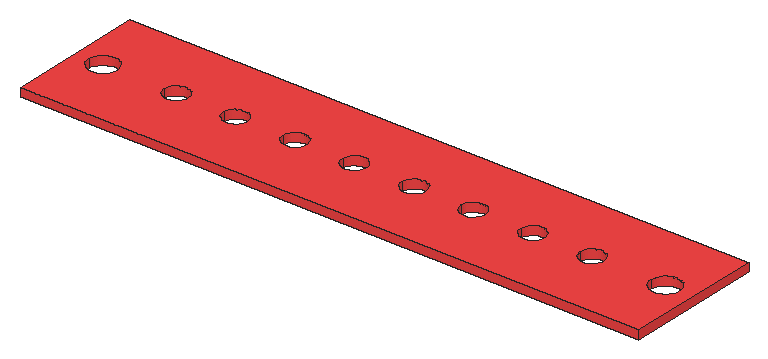
Revit family
Parameters (values of type "Use Type Catalog")
  zz YesNo 7 = or(zz Integer 1 = 34, zz Integer 1 = 35, zz Integer 1 = 36, zz Integer 1 = 37, zz Integer 1 = 38, zz Integer 1 = 39, zz Integer 1 = 40, zz Integer 1 = 49, zz Integer 1 = 50, zz Integer 1 = 51, zz Integer 1 = 52)  # no
  zz YesNo 6 [instance] = not(zz YesNo 4)  # yes
  zz YesNo 5 = or(zz Integer 1 = 8, zz Integer 1 = 9, zz Integer 1 = 11, zz Integer 1 = 12, zz Integer 1 = 13, zz Integer 1 = 14, zz Integer 1 = 43, zz Integer 1 = 44, zz Integer 1 = 45, zz Integer 1 = 46, zz Integer 1 = 49, zz Integer 1 = 50, zz Integer 1 = 51, zz Integer 1 = 52)  # no
  zz YesNo 4 = or(zz Integer 1 = 53)  # no
  zz YesNo 3 = and(zz YesNo 7, zz YesNo 1)  # no
  zz YesNo 2 = and(zz YesNo 7, zz YesNo 5)  # no
  zz YesNo 1 = or(zz Integer 1 = 3, zz Integer 1 = 4, zz Integer 1 = 5, zz Integer 1 = 6, zz Integer 1 = 15, zz Integer 1 = 16, zz Integer 1 = 17, zz Integer 1 = 18, zz Integer 1 = 19, zz Integer 1 = 20, zz Integer 1 = 21, zz Integer 1 = 22, zz Integer 1 = 23, zz Integer 1 = 24, zz Integer 1 = 25, zz Integer 1 = 26, zz Integer 1 = 27, zz Integer 1 = 28, zz Integer 1 = 29, zz Integer 1 = 30, zz Integer 1 = 31, zz Integer 1 = 32, zz Integer 1 = 34, zz Integer 1 = 35, zz Integer 1 = 36, zz Integer 1 = 37, zz Integer 1 = 38, zz Integer 1 = 39, zz Integer 1 = 40)  # no
  zz Length 9 = if(zz Integer 1 = 1, 0.100", if(zz Integer 1 = 2, 0.100", if(zz Integer 1 = 3, 0.380", if(zz Integer 1 = 4, 0.380", if(zz Integer 1 = 5, 0.380", if(zz Integer 1 = 6, 0.380", if(zz Integer 1 = 7, 0.100", if(zz Integer 1 = 8, 0.100", if(zz Integer 1 = 9, 0.100", if(zz Integer 1 = 10, 0.100", if(zz Integer 1 = 11, 0.100", if(zz Integer 1 = 12, 0.100", if(zz Integer 1 = 13, 0.100", if(zz Integer 1 = 14, 0.100", if(zz Integer 1 = 15, 0.526", if(zz Integer 1 = 16, 0.526", if(zz Integer 1 = 17, 0.526", if(zz Integer 1 = 18, 0.526", if(zz Integer 1 = 19, 0.526", if(zz Integer 1 = 20, 0.526", if(zz Integer 1 = 21, 0.594", if(zz Integer 1 = 22, 0.594", if(zz Integer 1 = 23, 0.421", if(zz Integer 1 = 24, 0.421", if(zz Integer 1 = 25, 0.525", if(zz Integer 1 = 26, 0.525", if(zz Integer 1 = 27, 0.525", if(zz Integer 1 = 28, 0.525", if(zz Integer 1 = 29, 0.525", if(zz Integer 1 = 30, 0.525", if(zz Integer 1 = 31, 0.525", if(zz Integer 1 = 32, 0.525", if(zz Integer 1 = 33, 0.525", if(zz Integer 1 = 34, 0.525", if(zz Integer 1 = 35, 0.525", if(zz Integer 1 = 36, 0.525", if(zz Integer 1 = 37, 0.525", if(zz Integer 1 = 38, 0.525", if(zz Integer 1 = 39, 0.525", if(zz Integer 1 = 40, 0.525", if(zz Integer 1 = 41, 0.100", if(zz Integer 1 = 42, 0.100", if(zz Integer 1 = 43, 0.100", if(zz Integer 1 = 44, 0.100", if(zz Integer 1 = 45, 0.100", if(zz Integer 1 = 46, 0.100", if(zz Integer 1 = 47, 0.100", if(zz Integer 1 = 48, 0.100", if(zz Integer 1 = 49, 0.100", if(zz Integer 1 = 50, 0.100", if(zz Integer 1 = 51, 0.100", if(zz Integer 1 = 52, 0.100", 0.100"))))))))))))))))))))))))))))))))))))))))))))))))))))  # 0.100"
  zz Length 8 = if(or(zz Integer 1 = 3, zz Integer 1 = 4, zz Integer 1 = 5, zz Integer 1 = 6), 0.000", zz Length 18)  # 0.490"
  zz Length 7 = if(1 = 1, 0.230", 0.230")  # 0.230"
  zz Length 6 = if(1 = 1, 0.524", 0.524")  # 0.524"
  zz Length 5 = if(1 = 1, 240.000" + zz Length 19, 240.000")  # 240.000"
  zz Length 4 = 0.000"  # constant formula
  zz Length 34 = if(or(zz Integer 1 = 1, zz Integer 1 = 2), 0.200", 0.000")  # 0.000"
  zz Length 33 = if(1 = 1, 5.100", 5.100")  # 5.100"
  zz Length 32 = if(zz YesNo 5, 0.460", 0.070")  # 0.070"
  zz Length 31 = if(or(zz Integer 1 = 3, zz Integer 1 = 4, zz Integer 1 = 5, zz Integer 1 = 6, zz Integer 1 = 47, zz Integer 1 = 48, zz Integer 1 = 49, zz Integer 1 = 50, zz Integer 1 = 51, zz Integer 1 = 52), 0.260", 0.000")  # 0.000"
  zz Length 30 = if(1 = 1, 0.241", 0.241")  # 0.241"
  zz Length 3 = if(or(zz Integer 1 = 0, zz Integer 1 = 1, zz Integer 1 = 2, zz Integer 1 = 33, zz Integer 1 = 34, zz Integer 1 = 35, zz Integer 1 = 36, zz Integer 1 = 37, zz Integer 1 = 38, zz Integer 1 = 39, zz Integer 1 = 40, zz Integer 1 = 47, zz Integer 1 = 48, zz Integer 1 = 49, zz Integer 1 = 50, zz Integer 1 = 51, zz Integer 1 = 52), zz Length 18, zz Length 18 * 1.6)  # 0.490"
  zz Length 29 = if(1 = 1, 0.140", 0.140")  # 0.140"
  zz Length 28 = if(1 = 1, 0.070", 0.070")  # 0.070"
  zz Length 27 = if(1 = 1, 0.585", 0.585")  # 0.585"
  zz Length 26 = if(zz YesNo 1, 0.400", 0.070")  # 0.070"
  zz Length 25 = if(1 = 1, 0.279", 0.279")  # 0.279"
  zz Length 24 = if(1 = 1, 0.380", 0.380")  # 0.380"
  zz Length 23 [instance] = if(1 = 1, -0.400", -0.400")  # -0.400"
  zz Length 22 = if(or(zz Integer 1 = 0, zz Integer 1 = 1, zz Integer 1 = 2, zz Integer 1 = 33, zz Integer 1 = 34, zz Integer 1 = 35, zz Integer 1 = 36, zz Integer 1 = 37, zz Integer 1 = 38, zz Integer 1 = 39, zz Integer 1 = 40, zz Integer 1 = 47, zz Integer 1 = 48, zz Integer 1 = 49, zz Integer 1 = 50, zz Integer 1 = 51, zz Integer 1 = 52), 0.835", if(or(zz Integer 1 = 3, zz Integer 1 = 4, zz Integer 1 = 5, zz Integer 1 = 6), 1.135", 0.830"))  # 0.835"
  zz Length 21 = if(or(zz Integer 1 = 1, zz Integer 1 = 2), 0.070", 0.000")  # 0.000"
  zz Length 20 = if(zz Integer 1 = 1, 0.100", if(zz Integer 1 = 2, 0.100", if(zz Integer 1 = 3, 1.040", if(zz Integer 1 = 4, 1.040", if(zz Integer 1 = 5, 1.040", if(zz Integer 1 = 6, 1.040", if(zz Integer 1 = 7, 0.100", if(zz Integer 1 = 8, 0.100", if(zz Integer 1 = 9, 0.100", if(zz Integer 1 = 10, 0.100", if(zz Integer 1 = 11, 0.100", if(zz Integer 1 = 12, 0.100", if(zz Integer 1 = 13, 0.100", if(zz Integer 1 = 14, 0.100", if(zz Integer 1 = 15, 0.526", if(zz Integer 1 = 16, 0.526", if(zz Integer 1 = 17, 0.526", if(zz Integer 1 = 18, 0.526", if(zz Integer 1 = 19, 0.526", if(zz Integer 1 = 20, 0.526", if(zz Integer 1 = 21, 0.400", if(zz Integer 1 = 22, 0.400", if(zz Integer 1 = 23, 0.390", if(zz Integer 1 = 24, 0.390", if(zz Integer 1 = 25, 0.390", if(zz Integer 1 = 26, 0.390", if(zz Integer 1 = 27, 0.390", if(zz Integer 1 = 28, 0.390", if(zz Integer 1 = 29, 0.390", if(zz Integer 1 = 30, 0.390", if(zz Integer 1 = 31, 0.390", if(zz Integer 1 = 32, 0.390", if(zz Integer 1 = 33, 0.390", if(zz Integer 1 = 34, 0.390", if(zz Integer 1 = 35, 0.390", if(zz Integer 1 = 36, 0.390", if(zz Integer 1 = 37, 0.390", if(zz Integer 1 = 38, 0.390", if(zz Integer 1 = 39, 0.390", if(zz Integer 1 = 40, 0.390", if(zz Integer 1 = 41, 0.100", if(zz Integer 1 = 42, 0.100", if(zz Integer 1 = 43, 0.100", if(zz Integer 1 = 44, 0.100", if(zz Integer 1 = 45, 0.100", if(zz Integer 1 = 46, 0.100", if(zz Integer 1 = 47, 0.100", if(zz Integer 1 = 48, 0.100", if(zz Integer 1 = 49, 0.100", if(zz Integer 1 = 50, 0.100", if(zz Integer 1 = 51, 0.100", if(zz Integer 1 = 52, 0.100", 0.100"))))))))))))))))))))))))))))))))))))))))))))))))))))  # 0.100"
  zz Length 2 = zz Length 17 / 2  # 0.050"
  zz Length 19 = 0.000"  # constant formula
  zz Length 18 = if(or(zz Integer 1 = 0, zz Integer 1 = 1, zz Integer 1 = 2, zz Integer 1 = 33, zz Integer 1 = 34, zz Integer 1 = 35, zz Integer 1 = 36, zz Integer 1 = 37, zz Integer 1 = 38, zz Integer 1 = 39, zz Integer 1 = 40, zz Integer 1 = 47, zz Integer 1 = 48, zz Integer 1 = 49, zz Integer 1 = 50, zz Integer 1 = 51, zz Integer 1 = 52), 0.490", if(or(zz Integer 1 = 3, zz Integer 1 = 4, zz Integer 1 = 5, zz Integer 1 = 6), 1.415", 0.688"))  # 0.490"
  zz Length 17 = if(or(zz Integer 1 = 7, zz Integer 1 = 8, zz Integer 1 = 9, zz Integer 1 = 10, zz Integer 1 = 11, zz Integer 1 = 12, zz Integer 1 = 13, zz Integer 1 = 14, zz Integer 1 = 41, zz Integer 1 = 42, zz Integer 1 = 43, zz Integer 1 = 44, zz Integer 1 = 45, zz Integer 1 = 46), 0.177", if(or(zz Integer 1 = 47, zz Integer 1 = 48, zz Integer 1 = 49, zz Integer 1 = 50, zz Integer 1 = 51, zz Integer 1 = 52), 0.195", 0.100"))  # 0.100"
  zz Length 16 = if(1 = 1, 0.965", 0.965")  # 0.965"
  zz Length 15 = if(1 = 1, 0.380", 0.380")  # 0.380"
  zz Length 14 = if(1 = 1, 1.130", 1.130")  # 1.130"
  zz Length 13 = 0.000"  # constant formula
  zz Length 12 = zz Length 28 * 3  # 0.210"
  zz Length 11 = if(1 = 1, 0.279", 0.279")  # 0.279"
  zz Length 10 = if(1 = 1, 0.659", 0.659")  # 0.659"
  zz Length 1 = zz Length 30 / 2  # 0.1205"
  zz Integer 1 = 0
  URL = "http://www.fiberinstrumentsales.com/"
  Regulatory Compliance = ""
  Provide Feedback = "https://www.surveymonkey.com/s/7W9CKP6"
  Product Page URL = " "
  Product Material = Use Type Catalog
  Product Documentation Link = " "
  Part Number [instance] = Model  # "Use Type Catalog"
  Part Description [instance] = Description  # "Use Type Catalog"
  Original Creation Date = "November 21, 2013"  # constant formula
  Model Disclaimer = "For More Information, Contact Fiber Instrument Sales"  # constant formula
  Model = "Use Type Catalog"
  Mating Adapter Housing = Use Type Catalog
  Manufacturer = "Fiber Instrument Sales"  # constant formula
  Front Interface = ""
  Fiber Type [instance] = ""
  Family Version = "1.0.0"  # constant formula
  Equipment Number [instance] = ""
  Equipment Abbreviation = "AP"
  Description = "Use Type Catalog"
  Default Elevation = 48.000"
  Date Last Modified = "November 21, 2013"  # constant formula
  Copyright = "Copyright © 2013 Fiber Instrument Sales"  # constant formula
  Mating Alignment Sleeve = Use Type Catalog
Reference planes (in)
  plane 1 "Center (Front/Back)": y = 0
  plane 2 "Center (Elevation)": z = 0
  plane 3 "Center (Left/Right)": x = 0
  plane 4 "Extremis Left": x = -2.55
  plane 5 "Extremis Right": x = 2.55
  plane 6 "Extremis Bottom": y = -0.565
  plane 7 "Extremis Top": y = 0.565
  plane 8 "Host": z = 0
  plane 9 "Base": z = -240
  plane 10: z = 0
  plane 11: z = 0.07
  plane 12 "Screw Left": x = -2.32
  plane 13 "Screw Right": x = 2.32
  plane 14: y = 0
  plane 15: x = -0.245
  plane 16: x = -0.735
  plane 17: x = -1.225
  plane 18: x = -1.715
  plane 19: y = 0
  plane 20: y = 0
  plane 21: x = 0.245
  plane 22: x = 0.735
  plane 23: x = 1.225
  plane 24: x = 1.715
  plane 25: x = -1.765
  plane 26: x = -1.665
  plane 27: y = 0.05
  plane 28: y = -0.05
  plane 29: y = -0.05
  plane 30: y = 0.05
  plane 31: x = -1.275
  plane 32: x = -1.175
  plane 33: x = -0.785
  plane 34: x = -0.685
  plane 35: x = -0.295
  plane 36: x = -0.195
  plane 37: x = 0.195
  plane 38: x = 0.295
  plane 39: x = 0.685
  plane 40: x = 0.785
  plane 41: x = 1.175
  plane 42: x = 1.275
  plane 43: x = 1.665
  plane 44: x = 1.765
  plane 45: z = -0.105
  plane 46: z = 0.105
  plane 47: z = 0
  plane 48 "Tip Base": z = 0
  plane 49 "Tip Top": z = 0.07
  plane 50: z = 0.07
  plane 51: z = 0
  plane 52: z = 0.07
  plane 53: x = -1.585
  plane 54: x = -0.926
  plane 55: x = -0.267
  plane 56: x = 0.392
  plane 57: x = -1.965
  plane 58: x = 1.051
  plane 59: x = 1.71
  plane 60: z = 0.349
  plane 61: z = -0.31
  plane 62: x = 1.989
  plane 63: y = 0.45
  plane 64: y = 0.07
  plane 65: y = -0.45
  plane 66: y = -0.07
Forms (in)
  Extrusion 1, solid, material "Use Type Catalog" <- "Product Material", visible <- "zz YesNo 6"
    sketch origin (0, 0, 0) x (1, 0, 0) y (0, 1, 0)
      loop
        line (-2.55, 0.565) -> (-2.55, -0.565) -> (2.55, -0.565) -> (2.55, 0.565) -> (-2.55, 0.565)
      loop
        circle (-2.32, 0) r 0.1205
      loop
        circle (2.32, 0) r 0.1205
    from 0 to 0.07
  Extrusion 2, void
    sketch origin (0, 0, 0) x (-1, 0, 0) y (0, -1, 0)
      loop
        circle (0.245, 0) r 0.1
      loop
        circle (0.735, 0) r 0.1
      loop
        circle (1.225, 0) r 0.1
      loop
        circle (1.715, 0) r 0.1
      loop
        circle (-0.245, 0) r 0.1
      loop
        circle (-0.735, 0) r 0.1
      loop
        circle (-1.225, 0) r 0.1
      loop
        circle (-1.715, 0) r 0.1
    from -0.105 to 0.105
  Extrusion 3, void
    sketch origin (0, 0, 0) x (1, 0, 0) y (0, 1, 0)
      loop
        line (-1.765, 0.05) -> (-1.765, -0.05) -> (-1.665, -0.05) -> (-1.665, 0.05) -> (-1.765, 0.05)
      loop
        line (-1.275, 0.05) -> (-1.275, -0.05) -> (-1.175, -0.05) -> (-1.175, 0.05) -> (-1.275, 0.05)
      loop
        line (-0.785, 0.05) -> (-0.785, -0.05) -> (-0.685, -0.05) -> (-0.685, 0.05) -> (-0.785, 0.05)
      loop
        line (-0.295, 0.05) -> (-0.295, -0.05) -> (-0.195, -0.05) -> (-0.195, 0.05) -> (-0.295, 0.05)
      loop
        line (0.195, 0.05) -> (0.195, -0.05) -> (0.295, -0.05) -> (0.295, 0.05) -> (0.195, 0.05)
      loop
        line (0.685, 0.05) -> (0.685, -0.05) -> (0.785, -0.05) -> (0.785, 0.05) -> (0.685, 0.05)
      loop
        line (1.175, 0.05) -> (1.175, -0.05) -> (1.275, -0.05) -> (1.275, 0.05) -> (1.175, 0.05)
      loop
        line (1.665, 0.05) -> (1.665, -0.05) -> (1.765, -0.05) -> (1.765, 0.05) -> (1.665, 0.05)
    from -0.105 to 0.105
  Extrusion 4, solid, material "Use Type Catalog" <- "Mating Alignment Sleeve", visible <- "zz YesNo 5"
    sketch origin (0, 0, 0) x (-1, 0, 0) y (0, -1, 0)
      loop
        circle (1.715, 0) r 0.1
      loop
        circle (0.735, 0) r 0.1
      loop
        circle (1.225, 0) r 0.1
      loop
        circle (0.245, 0) r 0.1
      loop
        circle (-0.245, 0) r 0.1
      loop
        circle (-0.735, 0) r 0.1
    from 0 to 0.07
  Extrusion 5, solid, material "Use Type Catalog" <- "Mating Adapter Housing", visible <- "zz YesNo 1"
    sketch origin (0, 0, 0) x (-1, 0, 0) y (0, -1, 0)
      loop
        line (1.765, 0.05) -> (1.665, 0.05) -> (1.665, -0.05) -> (1.765, -0.05) -> (1.765, 0.05)
      loop
        line (1.275, -0.05) -> (1.275, 0.05) -> (1.175, 0.05) -> (1.175, -0.05) -> (1.275, -0.05)
      loop
        line (0.785, -0.05) -> (0.785, 0.05) -> (0.685, 0.05) -> (0.685, -0.05) -> (0.785, -0.05)
      loop
        line (0.295, -0.05) -> (0.295, 0.05) -> (0.195, 0.05) -> (0.195, -0.05) -> (0.295, -0.05)
      loop
        line (-0.195, -0.05) -> (-0.195, 0.05) -> (-0.295, 0.05) -> (-0.295, -0.05) -> (-0.195, -0.05)
      loop
        line (-0.685, -0.05) -> (-0.685, 0.05) -> (-0.785, 0.05) -> (-0.785, -0.05) -> (-0.685, -0.05)
    from 0 to 0.07
  Extrusion 6, solid, material "Use Type Catalog" <- "Mating Alignment Sleeve", visible <- "zz YesNo 2"
    sketch origin (0, 0, 0) x (-1, 0, 0) y (0, -1, 0)
      loop
        circle (-1.225, 0) r 0.1
      loop
        circle (-1.715, 0) r 0.1
    from 0 to 0.07
  Extrusion 7, solid, material "Use Type Catalog" <- "Mating Adapter Housing", visible <- "zz YesNo 3"
    sketch origin (0, 0, 0) x (-1, 0, 0) y (0, -1, 0)
      loop
        line (-1.175, -0.05) -> (-1.175, 0.05) -> (-1.275, 0.05) -> (-1.275, -0.05) -> (-1.175, -0.05)
      loop
        line (-1.665, -0.05) -> (-1.665, 0.05) -> (-1.765, 0.05) -> (-1.765, -0.05) -> (-1.665, -0.05)
    from 0 to 0.07
  Extrusion 8, solid, material "Use Type Catalog" <- "Product Material", visible <- "zz YesNo 4"
    sketch origin (0, 0, 0) x (1, 0, 0) y (0, 0, 1)
      loop
        line (-2.55, 0.07) -> (-2.55, 0) -> (-1.99399, 0) -> (-1.585, -0.40899) -> (-0.926, 0.25001) -> (-0.267, -0.40899) -> (0.392, 0.25001) -> (1.051, -0.40899) -> (1.71, 0.25001) -> (1.96001, 0) -> (2.55, 0) -> (2.55, 0.07) -> (1.989, 0.07) -> (1.71, 0.349) -> (1.051, -0.31) -> (0.392, 0.349) -> (-0.267, -0.31) -> (-0.926, 0.349) -> (-1.585, -0.31) -> (-1.965, 0.07) -> (-2.55, 0.07)
    from -0.565 to 0.565
  Extrusion 9, void
    sketch origin (0, 0, 0) x (-1, 0, 0) y (0, -1, 0)
      loop
        circle (2.32, 0) r 0.1205
      loop
        circle (-2.32, 0) r 0.1205
    from -0.31 to 0.349
  Extrusion 10, solid, material "Use Type Catalog" <- "Mating Adapter Housing", visible <- "zz YesNo 4"
    sketch origin (-1.585, 0, -0.31) x (0.707107, 0, 0.707107) y (0, -1, 0)
      loop
        line (0.72798, 0.07) -> (0.72798, 0.45) -> (0.20398, 0.45) -> (0.20398, 0.07) -> (0.72798, 0.07)
      loop
        line (0.72798, -0.45) -> (0.72798, -0.07) -> (0.20398, -0.07) -> (0.20398, -0.45) -> (0.72798, -0.45)
    from -0.4 <- "zz Length 23" to 0 <- "zz Length 13"
  Extrusion 11, solid, material "Use Type Catalog" <- "Mating Adapter Housing", visible <- "zz YesNo 4"
    sketch origin (-0.267, 0, -0.31) x (0.707107, 0, 0.707107) y (0, -1, 0)
      loop
        line (0.72798, 0.07) -> (0.72798, 0.45) -> (0.20398, 0.45) -> (0.20398, 0.07) -> (0.72798, 0.07)
      loop
        line (0.72798, -0.45) -> (0.72798, -0.07) -> (0.20398, -0.07) -> (0.20398, -0.45) -> (0.72798, -0.45)
    from 0 <- "zz Length 13" to -0.4 <- "zz Length 23"
  Extrusion 12, solid, material "Use Type Catalog" <- "Mating Adapter Housing", visible <- "zz YesNo 4"
    sketch origin (1.051, 0, -0.31) x (0.707107, 0, 0.707107) y (0, -1, 0)
      loop
        line (0.72798, -0.45) -> (0.72798, -0.07) -> (0.20398, -0.07) -> (0.20398, -0.45) -> (0.72798, -0.45)
      loop
        line (0.72798, 0.07) -> (0.72798, 0.45) -> (0.20398, 0.45) -> (0.20398, 0.07) -> (0.72798, 0.07)
    from 0 <- "zz Length 13" to -0.4 <- "zz Length 23"
Cuts and joins
  Extrusion 2, Extrusion 3 cuts Extrusion 1
  Extrusion 9 cuts Extrusion 8
Lines and regions (in)
  reference lines
    curve 1: line (-1.965, 0, 0.07) -> (-1.585, 0, -0.31)
    curve 2: line (-0.926, 0, 0.349) -> (-0.267, 0, -0.31)
    curve 3: line (0.392, 0, 0.349) -> (1.051, 0, -0.31)
    curve 4: line (1.71, 0, 0.349) -> (1.989, 0, 0.07)
    curve 5: line (-1.585, 0, -0.31) -> (-0.926, 0, 0.349)
    curve 6: line (-0.267, 0, -0.31) -> (0.392, 0, 0.349)
    curve 7: line (1.051, 0, -0.31) -> (1.71, 0, 0.349)
    curve 8: line (-1.9901, 0, -0.00389) -> (-1.585, 0, -0.40899)
    curve 9: line (-1.585, 0, -0.40899) -> (-0.926, 0, 0.25001)
    curve 10: line (-0.267, 0, -0.40899) -> (0.392, 0, 0.25001)
    curve 11: line (1.051, 0, -0.40899) -> (1.71, 0, 0.25001)
    curve 12: line (-0.926, 0, 0.25001) -> (-0.267, 0, -0.40899)
    curve 13: line (0.392, 0, 0.25001) -> (1.051, 0, -0.40899)
    curve 14: line (1.71, 0, 0.25001) -> (1.97623, 0, -0.01623)
    curve 15: line (1.56576, 0.69482, 0.20476) -> (1.56576, -0.73038, 0.20476)
    curve 16: line (1.19524, 0.69482, -0.16576) -> (1.19524, -0.73038, -0.16576)
    curve 17: line (0.24776, 0.69482, 0.20476) -> (0.24776, -0.73038, 0.20476)
    curve 18: line (-0.12276, 0.69482, -0.16576) -> (-0.12276, -0.73038, -0.16576)
    curve 19: line (-1.07024, 0.69482, 0.20476) -> (-1.07024, -0.73038, 0.20476)
    curve 20: line (-1.44076, 0.69482, -0.16576) -> (-1.44076, -0.73038, -0.16576)
    curve 21: line (0.0625, 0.69482, 0.0195) -> (0.0625, -0.73038, 0.0195)
    curve 22: line (1.3805, 0.69482, 0.0195) -> (1.3805, -0.73038, 0.0195)
    curve 23: line (-1.2555, 0.69482, 0.0195) -> (-1.2555, -0.73038, 0.0195)
Dimensions and locks (in)
  equal spacing: plane 4 "Extremis Left", plane 3 "Center (Left/Right)", plane 5 "Extremis Right"
  "zz Length 5": plane 8 "Host" to plane 9 "Base"
  "zz Length 33": plane 4 "Extremis Left" to plane 5 "Extremis Right"
  "zz Length 28": plane 11 to plane 10
  "zz Length 13": plane 10 to plane 8 "Host"
  "zz Length 7": plane 4 "Extremis Left" to plane 12 "Screw Left"
  "zz Length 7": plane 13 "Screw Right" to plane 5 "Extremis Right"
  equal spacing: plane 6 "Extremis Bottom", plane 1 "Center (Front/Back)", plane 7 "Extremis Top"
  "zz Length 14": plane 7 "Extremis Top" to plane 6 "Extremis Bottom"
  "zz Length 4": plane 1 "Center (Front/Back)" to plane 14
  "zz Length 8": plane 23 to plane 24
  "zz Length 8": plane 18 to plane 17
  "zz Length 18": plane 15 to plane 21
  equal spacing: plane 20, plane 14, plane 19
  "zz Length 31": plane 14 to plane 19
  equal spacing: plane 25, plane 18, plane 26
  equal spacing: plane 31, plane 17, plane 32
  equal spacing: plane 33, plane 16, plane 34
  equal spacing: plane 35, plane 15, plane 36
  equal spacing: plane 37, plane 21, plane 38
  equal spacing: plane 39, plane 22, plane 40
  equal spacing: plane 41, plane 23, plane 42
  equal spacing: plane 43, plane 24, plane 44
  equal spacing: plane 28, plane 19, plane 27
  equal spacing: plane 30, plane 20, plane 29
  "zz Length 9": plane 27 to plane 28
  "zz Length 9": plane 30 to plane 29
  "zz Length 20": plane 25 to plane 26
  "zz Length 20": plane 31 to plane 32
  "zz Length 20": plane 33 to plane 34
  "zz Length 20": plane 35 to plane 36
  "zz Length 20": plane 37 to plane 38
  "zz Length 20": plane 39 to plane 40
  "zz Length 20": plane 41 to plane 42
  "zz Length 20": plane 43 to plane 44
  "zz Length 12": plane 46 to plane 45
  "zz Length 8": plane 16 to plane 15
  "zz Length 18": plane 17 to plane 16
  "zz Length 8": plane 21 to plane 22
  "zz Length 3": plane 22 to plane 23
  "zz Length 22": plane 4 "Extremis Left" to plane 18
  equal spacing: plane 46, plane 47, plane 45
  "zz Length 34": plane 10 to plane 47
  "zz Length 32": plane 49 "Tip Top" to plane 48 "Tip Base"
  "zz Length 26": plane 50 to plane 48 "Tip Base"
  "zz Length 21": plane 48 "Tip Base" to plane 8 "Host"
  "zz Length 19": plane 51 to plane 48 "Tip Base"
  "zz Length 28": plane 52 to plane 51
  "zz Length 16": plane 53 to plane 4 "Extremis Left"
  "zz Length 10": plane 53 to plane 54
  "zz Length 27": plane 57 to plane 4 "Extremis Left"
  equal spacing: plane 53, plane 54, plane 55, plane 56, plane 58, plane 59
  "zz Length 25": plane 60 to plane 52
  "zz Length 24": plane 52 to plane 61
  "zz Length 11": plane 59 to plane 62
  "zz Length 28": curve 8 to curve 1
  "zz Length 28": curve 9 to curve 5
  "zz Length 28": curve 12 to curve 2
  "zz Length 28": curve 10 to curve 6
  "zz Length 28": curve 13 to curve 3
  "zz Length 28": curve 11 to curve 7
  "zz Length 28": curve 14 to curve 4
  "zz Length 15": plane 66 to plane 65
  "zz Length 29": plane 66 to plane 64
  equal spacing: plane 66, plane 14, plane 64
  "zz Length 15": plane 64 to plane 63
  equal spacing: curve 5, curve 23, curve 5
  equal spacing: curve 20, curve 23, curve 19
  "zz Length 6": curve 20 to curve 19
  equal spacing: curve 6, curve 21, curve 6
  equal spacing: curve 18, curve 21, curve 17
  "zz Length 6": curve 18 to curve 17
  equal spacing: curve 7, curve 22, curve 7
  equal spacing: curve 16, curve 22, curve 15
  "zz Length 6": curve 16 to curve 15
  "zz Length 1": radius of Extrusion 1 sketch curve  (x2)
  "zz Length 17": radius of Extrusion 2 sketch curve  (x8)
  "zz Length 17": radius of Extrusion 4 sketch curve  (x6)
  "zz Length 17": radius of Extrusion 6 sketch curve  (x2)
  "zz Length 1": radius of Extrusion 9 sketch curve  (x2)
  aligned and locked: plane 2 "Center (Elevation)" to level
  aligned and locked: plane 7 "Extremis Top" to Extrusion 1 sketch curve
  aligned and locked: plane 4 "Extremis Left" to Extrusion 1 sketch curve
  aligned and locked: plane 6 "Extremis Bottom" to Extrusion 1 sketch curve
  aligned and locked: plane 5 "Extremis Right" to Extrusion 1 sketch curve
  aligned and locked: Extrusion 1 to plane 11
  aligned and locked: Extrusion 1 to plane 10
  aligned and locked: plane 12 "Screw Left" to Extrusion 1 sketch curve
  aligned and locked: plane 1 "Center (Front/Back)" to Extrusion 1 sketch curve  (x2)
  aligned and locked: plane 13 "Screw Right" to Extrusion 1 sketch curve
  aligned and locked: plane 19 to Extrusion 2 sketch curve  (x4)
  aligned and locked: plane 15 to Extrusion 2 sketch curve
  aligned and locked: plane 16 to Extrusion 2 sketch curve
  aligned and locked: plane 17 to Extrusion 2 sketch curve
  aligned and locked: plane 18 to Extrusion 2 sketch curve
  aligned and locked: plane 21 to Extrusion 2 sketch curve
  aligned and locked: plane 22 to Extrusion 2 sketch curve
  aligned and locked: plane 23 to Extrusion 2 sketch curve
  aligned and locked: plane 24 to Extrusion 2 sketch curve
  aligned and locked: plane 20 to Extrusion 2 sketch curve  (x4)
  aligned: Extrusion 2 to plane 11
  aligned and locked: plane 25 to Extrusion 3 sketch curve
  aligned and locked: plane 26 to Extrusion 3 sketch curve
  aligned and locked: plane 33 to Extrusion 3 sketch curve
  aligned and locked: plane 34 to Extrusion 3 sketch curve
  aligned and locked: plane 37 to Extrusion 3 sketch curve
  aligned and locked: plane 38 to Extrusion 3 sketch curve
  aligned and locked: plane 41 to Extrusion 3 sketch curve
  aligned and locked: plane 42 to Extrusion 3 sketch curve
  aligned and locked: plane 44 to Extrusion 3 sketch curve
  aligned and locked: plane 43 to Extrusion 3 sketch curve
  aligned and locked: plane 40 to Extrusion 3 sketch curve
  aligned and locked: plane 39 to Extrusion 3 sketch curve
  aligned and locked: plane 31 to Extrusion 3 sketch curve
  aligned and locked: plane 32 to Extrusion 3 sketch curve
  aligned and locked: plane 35 to Extrusion 3 sketch curve
  aligned and locked: plane 36 to Extrusion 3 sketch curve
  aligned and locked: plane 45 to Extrusion 3
  aligned and locked: Extrusion 3 to plane 46
  aligned: Extrusion 2 to plane 46
  aligned: plane 45 to Extrusion 2
  aligned and locked: Extrusion 2 to plane 46
  aligned and locked: plane 45 to Extrusion 2
  aligned and locked: plane 27 to Extrusion 3 sketch curve  (x4)
  aligned and locked: plane 28 to Extrusion 3 sketch curve  (x4)
  aligned and locked: plane 30 to Extrusion 3 sketch curve  (x4)
  aligned and locked: plane 29 to Extrusion 3 sketch curve  (x4)
  aligned and locked: plane 19 to Extrusion 4 sketch curve  (x3)
  aligned and locked: plane 20 to Extrusion 4 sketch curve  (x3)
  aligned and locked: plane 18 to Extrusion 4 sketch curve
  aligned and locked: plane 17 to Extrusion 4 sketch curve
  aligned and locked: plane 16 to Extrusion 4 sketch curve
  aligned and locked: plane 15 to Extrusion 4 sketch curve
  aligned and locked: plane 21 to Extrusion 4 sketch curve
  aligned and locked: plane 22 to Extrusion 4 sketch curve
  aligned and locked: Extrusion 4 to plane 48 "Tip Base"
  aligned and locked: plane 49 "Tip Top" to Extrusion 4
  aligned and locked: plane 29 to Extrusion 5 sketch curve  (x3)
  aligned and locked: plane 40 to Extrusion 5 sketch curve
  aligned and locked: plane 39 to Extrusion 5 sketch curve
  aligned and locked: plane 38 to Extrusion 5 sketch curve
  aligned and locked: plane 37 to Extrusion 5 sketch curve
  aligned and locked: plane 36 to Extrusion 5 sketch curve
  aligned and locked: plane 35 to Extrusion 5 sketch curve
  aligned and locked: plane 34 to Extrusion 5 sketch curve
  aligned and locked: plane 33 to Extrusion 5 sketch curve
  aligned and locked: plane 32 to Extrusion 5 sketch curve
  aligned and locked: plane 31 to Extrusion 5 sketch curve
  aligned and locked: Extrusion 5 sketch curve to plane 26
  aligned and locked: Extrusion 5 sketch curve to plane 25
  aligned and locked: plane 30 to Extrusion 5 sketch curve  (x3)
  aligned: Extrusion 5 to plane 48 "Tip Base"
  aligned and locked: Extrusion 5 to plane 48 "Tip Base"
  aligned: plane 49 "Tip Top" to Extrusion 5
  aligned and locked: Extrusion 6 to plane 48 "Tip Base"
  aligned and locked: plane 49 "Tip Top" to Extrusion 6
  aligned and locked: plane 27 to Extrusion 5 sketch curve  (x2)
  aligned and locked: plane 28 to Extrusion 5 sketch curve  (x2)
  aligned and locked: Extrusion 5 sketch curve to plane 27
  aligned and locked: Extrusion 5 sketch curve to plane 28
  aligned and locked: plane 41 to Extrusion 7 sketch curve
  aligned and locked: plane 28 to Extrusion 7 sketch curve
  aligned and locked: plane 27 to Extrusion 7 sketch curve
  aligned and locked: plane 42 to Extrusion 7 sketch curve
  aligned and locked: plane 43 to Extrusion 7 sketch curve
  aligned and locked: plane 44 to Extrusion 7 sketch curve
  aligned and locked: plane 30 to Extrusion 7 sketch curve
  aligned and locked: plane 29 to Extrusion 7 sketch curve
  aligned and locked: Extrusion 5 to plane 50
  aligned and locked: Extrusion 7 to plane 50
  aligned and locked: plane 52 to curve 1
  aligned and locked: plane 60 to curve 3
  aligned and locked: plane 61 to curve 3
  aligned and locked: plane 52 to curve 4
  aligned and locked: plane 62 to curve 4
  aligned and locked: plane 53 to curve 5
  aligned and locked: plane 61 to curve 5
  aligned and locked: plane 54 to curve 5
  aligned and locked: plane 60 to curve 5
  aligned and locked: plane 55 to curve 6
  aligned and locked: plane 61 to curve 6
  aligned and locked: plane 56 to curve 6
  aligned and locked: plane 58 to curve 7
  aligned and locked: plane 59 to curve 7
  aligned and locked: plane 60 to curve 7
  aligned and locked: Extrusion 8 sketch curve to curve 8
  aligned and locked: curve 1 to Extrusion 8 sketch curve
  aligned and locked: Extrusion 8 sketch curve to curve 5
  aligned and locked: curve 9 to Extrusion 8 sketch curve
  aligned and locked: Extrusion 8 sketch curve to curve 12
  aligned and locked: curve 2 to Extrusion 8 sketch curve
  aligned and locked: Extrusion 8 sketch curve to curve 6
  aligned and locked: curve 10 to Extrusion 8 sketch curve
  aligned and locked: Extrusion 8 sketch curve to curve 7
  aligned and locked: curve 11 to Extrusion 8 sketch curve
  aligned and locked: Extrusion 8 sketch curve to curve 13
  aligned and locked: curve 3 to Extrusion 8 sketch curve
  aligned and locked: Extrusion 8 sketch curve to curve 14
  aligned and locked: curve 4 to Extrusion 8 sketch curve
  aligned and locked: plane 5 "Extremis Right" to Extrusion 8 sketch curve
  aligned and locked: plane 4 "Extremis Left" to Extrusion 8 sketch curve
  aligned and locked: Extrusion 8 sketch curve to plane 52
  aligned and locked: plane 51 to Extrusion 8 sketch curve
  aligned and locked: Extrusion 8 to plane 7 "Extremis Top"
  aligned and locked: Extrusion 8 to plane 6 "Extremis Bottom"
  aligned and locked: plane 1 "Center (Front/Back)" to Extrusion 9 sketch curve  (x2)
  aligned and locked: plane 12 "Screw Left" to Extrusion 9 sketch curve
  aligned and locked: plane 13 "Screw Right" to Extrusion 9 sketch curve
  aligned and locked: Extrusion 9 to plane 60
  aligned and locked: Extrusion 9 to plane 61
  aligned and locked: curve 19 to Extrusion 10 sketch curve  (x2)
  aligned and locked: Extrusion 10 sketch curve to plane 64
  aligned and locked: plane 63 to Extrusion 10 sketch curve
  aligned and locked: Extrusion 10 sketch curve to curve 20  (x2)
  aligned and locked: Extrusion 10 sketch curve to plane 66
  aligned and locked: plane 65 to Extrusion 10 sketch curve
  aligned and locked: plane 63 to Extrusion 11 sketch curve
  aligned and locked: Extrusion 11 sketch curve to plane 64
  aligned and locked: Extrusion 11 sketch curve to plane 66
  aligned and locked: plane 65 to Extrusion 11 sketch curve
  aligned and locked: curve 17 to Extrusion 11 sketch curve  (x2)
  aligned and locked: Extrusion 11 sketch curve to curve 18  (x2)
  aligned and locked: Extrusion 12 sketch curve to plane 64
  aligned and locked: Extrusion 12 sketch curve to plane 66
  aligned and locked: plane 65 to Extrusion 12 sketch curve
  aligned and locked: plane 63 to Extrusion 12 sketch curve
  aligned and locked: Extrusion 12 sketch curve to curve 16  (x2)
  aligned and locked: curve 15 to Extrusion 12 sketch curve  (x2)
Automatic sketch dimensions
  Extrusion 6 sketch curve to plane 20 = 0.000"
  Extrusion 6 sketch curve to plane 24 = 0.000"
  plane 19 to Extrusion 6 sketch curve = 0.000"
  Extrusion 6 sketch curve to plane 23 = 0.000"
  curve 8 to plane 51 = 0.00389"
  curve 14 to plane 51 = 0.01623"
  Extrusion 8 sketch curve to plane 52 = 0.000"
  Extrusion 8 sketch curve to plane 51 = 0.000"
  curve 16 to curve 7 = 0.69482"
  curve 15 to curve 7 = 0.69482"
  curve 7 to curve 16 = 0.73038"
  curve 7 to curve 15 = 0.73038"
  curve 20 to curve 5 = 0.69482"
  curve 19 to curve 5 = 0.69482"
  curve 5 to curve 20 = 0.73038"
  curve 5 to curve 19 = 0.73038"
  curve 17 to curve 6 = 0.69482"
  curve 18 to curve 6 = 0.69482"
  curve 21 to curve 17 = 0.000"  (x2)
  curve 6 to curve 17 = 0.73038"
  curve 6 to curve 18 = 0.73038"
  curve 22 to curve 15 = 0.000"  (x2)
  curve 23 to curve 19 = 0.000"  (x2)
